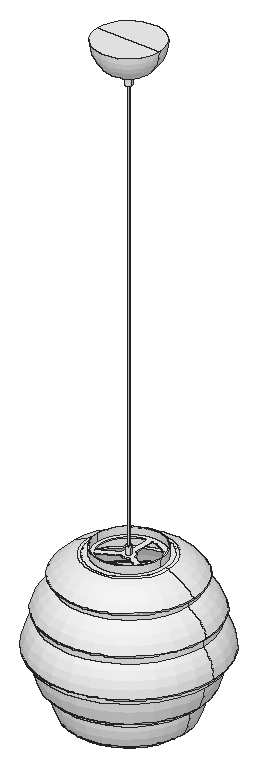
Revit family "Artek_Lighting_Pendant Light A331 “Beehive“_A331 Beehive_quick_ship", category Lighting Fixtures, Revit 2018 (continued)
Definition of nested family "A331"
  Lines and regions (mm)
    symbolic lines, detail levels fine
      curve 658: spline (0, -46.132, 175.593) -> (0, -45.807, 175.797) -> (0, -45.504, 176.396) -> (0, -45.244, 177.348) -> (0, -45.045, 178.588) -> (0, -44.919, 180.033) -> (0, -44.876, 181.583) -> (0, -44.919, 183.134) -> (0, -45.045, 184.578) -> (0, -45.244, 185.819) -> (0, -45.504, 186.771) -> (0, -45.807, 187.369) -> (0, -46.132, 187.573) -> (0, -46.457, 187.369) -> (0, -46.76, 186.771) -> (0, -47.02, 185.819) -> (0, -47.22, 184.578) -> (0, -47.345, 183.134) -> (0, -47.388, 181.583) -> (0, -47.345, 180.033) -> (0, -47.22, 178.588) -> (0, -47.02, 177.348) -> (0, -46.76, 176.396) -> (0, -46.457, 175.797) -> (0, -46.132, 175.593)
      curve 659: spline (0, -50.144, 175.593) -> (0, -49.819, 175.797) -> (0, -49.516, 176.396) -> (0, -49.256, 177.348) -> (0, -49.056, 178.588) -> (0, -48.931, 180.033) -> (0, -48.888, 181.583) -> (0, -48.931, 183.134) -> (0, -49.056, 184.578) -> (0, -49.256, 185.819) -> (0, -49.516, 186.771) -> (0, -49.819, 187.369) -> (0, -50.144, 187.573) -> (0, -50.469, 187.369) -> (0, -50.771, 186.771) -> (0, -51.032, 185.819) -> (0, -51.231, 184.578) -> (0, -51.357, 183.134) -> (0, -51.399, 181.583) -> (0, -51.357, 180.033) -> (0, -51.231, 178.588) -> (0, -51.032, 177.348) -> (0, -50.771, 176.396) -> (0, -50.469, 175.797) -> (0, -50.144, 175.593)
      curve 660: spline (0, -54.155, 175.593) -> (0, -53.83, 175.797) -> (0, -53.527, 176.396) -> (0, -53.267, 177.348) -> (0, -53.068, 178.588) -> (0, -52.942, 180.033) -> (0, -52.899, 181.583) -> (0, -52.942, 183.134) -> (0, -53.068, 184.578) -> (0, -53.267, 185.819) -> (0, -53.527, 186.771) -> (0, -53.83, 187.369) -> (0, -54.155, 187.573) -> (0, -54.48, 187.369) -> (0, -54.783, 186.771) -> (0, -55.043, 185.819) -> (0, -55.243, 184.578) -> (0, -55.368, 183.134) -> (0, -55.411, 181.583) -> (0, -55.368, 180.033) -> (0, -55.243, 178.588) -> (0, -55.043, 177.348) -> (0, -54.783, 176.396) -> (0, -54.48, 175.797) -> (0, -54.155, 175.593)
      curve 661: spline (0, -58.167, 175.593) -> (0, -57.842, 175.797) -> (0, -57.539, 176.396) -> (0, -57.279, 177.348) -> (0, -57.079, 178.588) -> (0, -56.954, 180.033) -> (0, -56.911, 181.583) -> (0, -56.954, 183.134) -> (0, -57.079, 184.578) -> (0, -57.279, 185.819) -> (0, -57.539, 186.771) -> (0, -57.842, 187.369) -> (0, -58.167, 187.573) -> (0, -58.492, 187.369) -> (0, -58.794, 186.771) -> (0, -59.055, 185.819) -> (0, -59.254, 184.578) -> (0, -59.38, 183.134) -> (0, -59.422, 181.583) -> (0, -59.38, 180.033) -> (0, -59.254, 178.588) -> (0, -59.055, 177.348) -> (0, -58.794, 176.396) -> (0, -58.492, 175.797) -> (0, -58.167, 175.593)
      curve 662: spline (0, -62.178, 175.593) -> (0, -61.853, 175.797) -> (0, -61.55, 176.396) -> (0, -61.29, 177.348) -> (0, -61.091, 178.588) -> (0, -60.965, 180.033) -> (0, -60.922, 181.583) -> (0, -60.965, 183.134) -> (0, -61.091, 184.578) -> (0, -61.29, 185.819) -> (0, -61.55, 186.771) -> (0, -61.853, 187.369) -> (0, -62.178, 187.573) -> (0, -62.503, 187.369) -> (0, -62.806, 186.771) -> (0, -63.066, 185.819) -> (0, -63.266, 184.578) -> (0, -63.391, 183.134) -> (0, -63.434, 181.583) -> (0, -63.391, 180.033) -> (0, -63.266, 178.588) -> (0, -63.066, 177.348) -> (0, -62.806, 176.396) -> (0, -62.503, 175.797) -> (0, -62.178, 175.593)
      curve 663: spline (0, -66.19, 175.593) -> (0, -65.865, 175.797) -> (0, -65.562, 176.396) -> (0, -65.302, 177.348) -> (0, -65.102, 178.588) -> (0, -64.977, 180.033) -> (0, -64.934, 181.583) -> (0, -64.977, 183.134) -> (0, -65.102, 184.578) -> (0, -65.302, 185.819) -> (0, -65.562, 186.771) -> (0, -65.865, 187.369) -> (0, -66.19, 187.573) -> (0, -66.515, 187.369) -> (0, -66.817, 186.771) -> (0, -67.078, 185.819) -> (0, -67.277, 184.578) -> (0, -67.403, 183.134) -> (0, -67.445, 181.583) -> (0, -67.403, 180.033) -> (0, -67.277, 178.588) -> (0, -67.078, 177.348) -> (0, -66.817, 176.396) -> (0, -66.515, 175.797) -> (0, -66.19, 175.593)
      curve 664: spline (0, -70.201, 175.593) -> (0, -69.876, 175.797) -> (0, -69.573, 176.396) -> (0, -69.313, 177.348) -> (0, -69.114, 178.588) -> (0, -68.988, 180.033) -> (0, -68.945, 181.583) -> (0, -68.988, 183.134) -> (0, -69.114, 184.578) -> (0, -69.313, 185.819) -> (0, -69.573, 186.771) -> (0, -69.876, 187.369) -> (0, -70.201, 187.573) -> (0, -70.526, 187.369) -> (0, -70.829, 186.771) -> (0, -71.089, 185.819) -> (0, -71.289, 184.578) -> (0, -71.414, 183.134) -> (0, -71.457, 181.583) -> (0, -71.414, 180.033) -> (0, -71.289, 178.588) -> (0, -71.089, 177.348) -> (0, -70.829, 176.396) -> (0, -70.526, 175.797) -> (0, -70.201, 175.593)
      curve 665: spline (0, -74.213, 175.593) -> (0, -73.888, 175.797) -> (0, -73.585, 176.396) -> (0, -73.325, 177.348) -> (0, -73.125, 178.588) -> (0, -73, 180.033) -> (0, -72.957, 181.583) -> (0, -73, 183.134) -> (0, -73.125, 184.578) -> (0, -73.325, 185.819) -> (0, -73.585, 186.771) -> (0, -73.888, 187.369) -> (0, -74.213, 187.573) -> (0, -74.538, 187.369) -> (0, -74.84, 186.771) -> (0, -75.101, 185.819) -> (0, -75.3, 184.578) -> (0, -75.426, 183.134) -> (0, -75.468, 181.583) -> (0, -75.426, 180.033) -> (0, -75.3, 178.588) -> (0, -75.101, 177.348) -> (0, -74.84, 176.396) -> (0, -74.538, 175.797) -> (0, -74.213, 175.593)
      curve 666: spline (0, -78.224, 175.593) -> (0, -77.899, 175.797) -> (0, -77.596, 176.396) -> (0, -77.336, 177.348) -> (0, -77.137, 178.588) -> (0, -77.011, 180.033) -> (0, -76.968, 181.583) -> (0, -77.011, 183.134) -> (0, -77.137, 184.578) -> (0, -77.336, 185.819) -> (0, -77.596, 186.771) -> (0, -77.899, 187.369) -> (0, -78.224, 187.573) -> (0, -78.549, 187.369) -> (0, -78.852, 186.771) -> (0, -79.112, 185.819) -> (0, -79.312, 184.578) -> (0, -79.437, 183.134) -> (0, -79.48, 181.583) -> (0, -79.437, 180.033) -> (0, -79.312, 178.588) -> (0, -79.112, 177.348) -> (0, -78.852, 176.396) -> (0, -78.549, 175.797) -> (0, -78.224, 175.593)
      curve 667: spline (0, -82.236, 175.593) -> (0, -81.911, 175.797) -> (0, -81.608, 176.396) -> (0, -81.348, 177.348) -> (0, -81.148, 178.588) -> (0, -81.023, 180.033) -> (0, -80.98, 181.583) -> (0, -81.023, 183.134) -> (0, -81.148, 184.578) -> (0, -81.348, 185.819) -> (0, -81.608, 186.771) -> (0, -81.911, 187.369) -> (0, -82.236, 187.573) -> (0, -82.561, 187.369) -> (0, -82.863, 186.771) -> (0, -83.123, 185.819) -> (0, -83.323, 184.578) -> (0, -83.448, 183.134) -> (0, -83.491, 181.583) -> (0, -83.448, 180.033) -> (0, -83.323, 178.588) -> (0, -83.123, 177.348) -> (0, -82.863, 176.396) -> (0, -82.561, 175.797) -> (0, -82.236, 175.593)
      curve 668: spline (0, -86.247, 175.593) -> (0, -85.922, 175.797) -> (0, -85.619, 176.396) -> (0, -85.359, 177.348) -> (0, -85.16, 178.588) -> (0, -85.034, 180.033) -> (0, -84.991, 181.583) -> (0, -85.034, 183.134) -> (0, -85.16, 184.578) -> (0, -85.359, 185.819) -> (0, -85.619, 186.771) -> (0, -85.922, 187.369) -> (0, -86.247, 187.573) -> (0, -86.572, 187.369) -> (0, -86.875, 186.771) -> (0, -87.135, 185.819) -> (0, -87.335, 184.578) -> (0, -87.46, 183.134) -> (0, -87.503, 181.583) -> (0, -87.46, 180.033) -> (0, -87.335, 178.588) -> (0, -87.135, 177.348) -> (0, -86.875, 176.396) -> (0, -86.572, 175.797) -> (0, -86.247, 175.593)
      curve 669: spline (0, -90.259, 175.593) -> (0, -89.934, 175.797) -> (0, -89.631, 176.396) -> (0, -89.371, 177.348) -> (0, -89.171, 178.588) -> (0, -89.046, 180.033) -> (0, -89.003, 181.583) -> (0, -89.046, 183.134) -> (0, -89.171, 184.578) -> (0, -89.371, 185.819) -> (0, -89.631, 186.771) -> (0, -89.934, 187.369) -> (0, -90.259, 187.573) -> (0, -90.584, 187.369) -> (0, -90.886, 186.771) -> (0, -91.146, 185.819) -> (0, -91.346, 184.578) -> (0, -91.471, 183.134) -> (0, -91.514, 181.583) -> (0, -91.471, 180.033) -> (0, -91.346, 178.588) -> (0, -91.146, 177.348) -> (0, -90.886, 176.396) -> (0, -90.584, 175.797) -> (0, -90.259, 175.593)
      curve 670: spline (0, -94.27, 175.593) -> (0, -93.945, 175.797) -> (0, -93.642, 176.396) -> (0, -93.382, 177.348) -> (0, -93.183, 178.588) -> (0, -93.057, 180.033) -> (0, -93.014, 181.583) -> (0, -93.057, 183.134) -> (0, -93.183, 184.578) -> (0, -93.382, 185.819) -> (0, -93.642, 186.771) -> (0, -93.945, 187.369) -> (0, -94.27, 187.573) -> (0, -94.595, 187.369) -> (0, -94.898, 186.771) -> (0, -95.158, 185.819) -> (0, -95.358, 184.578) -> (0, -95.483, 183.134) -> (0, -95.526, 181.583) -> (0, -95.483, 180.033) -> (0, -95.358, 178.588) -> (0, -95.158, 177.348) -> (0, -94.898, 176.396) -> (0, -94.595, 175.797) -> (0, -94.27, 175.593)
      curve 671: spline (0, -98.281, 175.593) -> (0, -97.956, 175.797) -> (0, -97.654, 176.396) -> (0, -97.394, 177.348) -> (0, -97.194, 178.588) -> (0, -97.069, 180.033) -> (0, -97.026, 181.583) -> (0, -97.069, 183.134) -> (0, -97.194, 184.578) -> (0, -97.394, 185.819) -> (0, -97.654, 186.771) -> (0, -97.956, 187.369) -> (0, -98.281, 187.573) -> (0, -98.607, 187.369) -> (0, -98.909, 186.771) -> (0, -99.169, 185.819) -> (0, -99.369, 184.578) -> (0, -99.494, 183.134) -> (0, -99.537, 181.583) -> (0, -99.494, 180.033) -> (0, -99.369, 178.588) -> (0, -99.169, 177.348) -> (0, -98.909, 176.396) -> (0, -98.607, 175.797) -> (0, -98.281, 175.593)
      curve 672: spline (0, -102.293, 175.593) -> (0, -101.968, 175.797) -> (0, -101.665, 176.396) -> (0, -101.405, 177.348) -> (0, -101.205, 178.588) -> (0, -101.08, 180.033) -> (0, -101.037, 181.583) -> (0, -101.08, 183.134) -> (0, -101.205, 184.578) -> (0, -101.405, 185.819) -> (0, -101.665, 186.771) -> (0, -101.968, 187.369) -> (0, -102.293, 187.573) -> (0, -102.618, 187.369) -> (0, -102.921, 186.771) -> (0, -103.181, 185.819) -> (0, -103.38, 184.578) -> (0, -103.506, 183.134) -> (0, -103.549, 181.583) -> (0, -103.506, 180.033) -> (0, -103.38, 178.588) -> (0, -103.181, 177.348) -> (0, -102.921, 176.396) -> (0, -102.618, 175.797) -> (0, -102.293, 175.593)
      curve 673: spline (0, -106.304, 175.593) -> (0, -105.979, 175.797) -> (0, -105.677, 176.396) -> (0, -105.417, 177.348) -> (0, -105.217, 178.588) -> (0, -105.092, 180.033) -> (0, -105.049, 181.583) -> (0, -105.092, 183.134) -> (0, -105.217, 184.578) -> (0, -105.417, 185.819) -> (0, -105.677, 186.771) -> (0, -105.979, 187.369) -> (0, -106.304, 187.573) -> (0, -106.629, 187.369) -> (0, -106.932, 186.771) -> (0, -107.192, 185.819) -> (0, -107.392, 184.578) -> (0, -107.517, 183.134) -> (0, -107.56, 181.583) -> (0, -107.517, 180.033) -> (0, -107.392, 178.588) -> (0, -107.192, 177.348) -> (0, -106.932, 176.396) -> (0, -106.629, 175.797) -> (0, -106.304, 175.593)
      curve 674: spline (0, -110.316, 175.593) -> (0, -109.991, 175.797) -> (0, -109.688, 176.396) -> (0, -109.428, 177.348) -> (0, -109.228, 178.588) -> (0, -109.103, 180.033) -> (0, -109.06, 181.583) -> (0, -109.103, 183.134) -> (0, -109.228, 184.578) -> (0, -109.428, 185.819) -> (0, -109.688, 186.771) -> (0, -109.991, 187.369) -> (0, -110.316, 187.573) -> (0, -110.641, 187.369) -> (0, -110.944, 186.771) -> (0, -111.204, 185.819) -> (0, -111.403, 184.578) -> (0, -111.529, 183.134) -> (0, -111.572, 181.583) -> (0, -111.529, 180.033) -> (0, -111.403, 178.588) -> (0, -111.204, 177.348) -> (0, -110.944, 176.396) -> (0, -110.641, 175.797) -> (0, -110.316, 175.593)
      curve 675: spline (0, -114.327, 175.593) -> (0, -114.002, 175.797) -> (0, -113.7, 176.396) -> (0, -113.44, 177.348) -> (0, -113.24, 178.588) -> (0, -113.115, 180.033) -> (0, -113.072, 181.583) -> (0, -113.115, 183.134) -> (0, -113.24, 184.578) -> (0, -113.44, 185.819) -> (0, -113.7, 186.771) -> (0, -114.002, 187.369) -> (0, -114.327, 187.573) -> (0, -114.652, 187.369) -> (0, -114.955, 186.771) -> (0, -115.215, 185.819) -> (0, -115.415, 184.578) -> (0, -115.54, 183.134) -> (0, -115.583, 181.583) -> (0, -115.54, 180.033) -> (0, -115.415, 178.588) -> (0, -115.215, 177.348) -> (0, -114.955, 176.396) -> (0, -114.652, 175.797) -> (0, -114.327, 175.593)
      curve 676: spline (0, -118.339, 175.593) -> (0, -118.014, 175.797) -> (0, -117.711, 176.396) -> (0, -117.451, 177.348) -> (0, -117.251, 178.588) -> (0, -117.126, 180.033) -> (0, -117.083, 181.583) -> (0, -117.126, 183.134) -> (0, -117.251, 184.578) -> (0, -117.451, 185.819) -> (0, -117.711, 186.771) -> (0, -118.014, 187.369) -> (0, -118.339, 187.573) -> (0, -118.664, 187.369) -> (0, -118.967, 186.771) -> (0, -119.227, 185.819) -> (0, -119.426, 184.578) -> (0, -119.552, 183.134) -> (0, -119.595, 181.583) -> (0, -119.552, 180.033) -> (0, -119.426, 178.588) -> (0, -119.227, 177.348) -> (0, -118.967, 176.396) -> (0, -118.664, 175.797) -> (0, -118.339, 175.593)
      curve 677: spline (0, -122.35, 175.593) -> (0, -122.025, 175.797) -> (0, -121.723, 176.396) -> (0, -121.462, 177.348) -> (0, -121.263, 178.588) -> (0, -121.137, 180.033) -> (0, -121.095, 181.583) -> (0, -121.137, 183.134) -> (0, -121.263, 184.578) -> (0, -121.462, 185.819) -> (0, -121.723, 186.771) -> (0, -122.025, 187.369) -> (0, -122.35, 187.573) -> (0, -122.675, 187.369) -> (0, -122.978, 186.771) -> (0, -123.238, 185.819) -> (0, -123.438, 184.578) -> (0, -123.563, 183.134) -> (0, -123.606, 181.583) -> (0, -123.563, 180.033) -> (0, -123.438, 178.588) -> (0, -123.238, 177.348) -> (0, -122.978, 176.396) -> (0, -122.675, 175.797) -> (0, -122.35, 175.593)
      curve 678: spline (0, -126.362, 175.593) -> (0, -126.037, 175.797) -> (0, -125.734, 176.396) -> (0, -125.474, 177.348) -> (0, -125.274, 178.588) -> (0, -125.149, 180.033) -> (0, -125.106, 181.583) -> (0, -125.149, 183.134) -> (0, -125.274, 184.578) -> (0, -125.474, 185.819) -> (0, -125.734, 186.771) -> (0, -126.037, 187.369) -> (0, -126.362, 187.573) -> (0, -126.687, 187.369) -> (0, -126.99, 186.771) -> (0, -127.25, 185.819) -> (0, -127.449, 184.578) -> (0, -127.575, 183.134) -> (0, -127.618, 181.583) -> (0, -127.575, 180.033) -> (0, -127.449, 178.588) -> (0, -127.25, 177.348) -> (0, -126.99, 176.396) -> (0, -126.687, 175.797) -> (0, -126.362, 175.593)
      curve 679: spline (0, -130.373, 175.593) -> (0, -130.048, 175.797) -> (0, -129.746, 176.396) -> (0, -129.485, 177.348) -> (0, -129.286, 178.588) -> (0, -129.16, 180.033) -> (0, -129.118, 181.583) -> (0, -129.16, 183.134) -> (0, -129.286, 184.578) -> (0, -129.485, 185.819) -> (0, -129.746, 186.771) -> (0, -130.048, 187.369) -> (0, -130.373, 187.573) -> (0, -130.698, 187.369) -> (0, -131.001, 186.771) -> (0, -131.261, 185.819) -> (0, -131.461, 184.578) -> (0, -131.586, 183.134) -> (0, -131.629, 181.583) -> (0, -131.586, 180.033) -> (0, -131.461, 178.588) -> (0, -131.261, 177.348) -> (0, -131.001, 176.396) -> (0, -130.698, 175.797) -> (0, -130.373, 175.593)
      curve 680: spline (0, -134.385, 175.593) -> (0, -134.06, 175.797) -> (0, -133.757, 176.396) -> (0, -133.497, 177.348) -> (0, -133.297, 178.588) -> (0, -133.172, 180.033) -> (0, -133.129, 181.583) -> (0, -133.172, 183.134) -> (0, -133.297, 184.578) -> (0, -133.497, 185.819) -> (0, -133.757, 186.771) -> (0, -134.06, 187.369) -> (0, -134.385, 187.573) -> (0, -134.71, 187.369) -> (0, -135.013, 186.771) -> (0, -135.273, 185.819) -> (0, -135.472, 184.578) -> (0, -135.598, 183.134) -> (0, -135.641, 181.583) -> (0, -135.598, 180.033) -> (0, -135.472, 178.588) -> (0, -135.273, 177.348) -> (0, -135.013, 176.396) -> (0, -134.71, 175.797) -> (0, -134.385, 175.593)
      curve 681: spline (0, -138.396, 175.593) -> (0, -138.071, 175.797) -> (0, -137.769, 176.396) -> (0, -137.508, 177.348) -> (0, -137.309, 178.588) -> (0, -137.183, 180.033) -> (0, -137.141, 181.583) -> (0, -137.183, 183.134) -> (0, -137.309, 184.578) -> (0, -137.508, 185.819) -> (0, -137.769, 186.771) -> (0, -138.071, 187.369) -> (0, -138.396, 187.573) -> (0, -138.721, 187.369) -> (0, -139.024, 186.771) -> (0, -139.284, 185.819) -> (0, -139.484, 184.578) -> (0, -139.609, 183.134) -> (0, -139.652, 181.583) -> (0, -139.609, 180.033) -> (0, -139.484, 178.588) -> (0, -139.284, 177.348) -> (0, -139.024, 176.396) -> (0, -138.721, 175.797) -> (0, -138.396, 175.593)
      curve 682: spline (0, -142.408, 175.593) -> (0, -142.083, 175.797) -> (0, -141.78, 176.396) -> (0, -141.52, 177.348) -> (0, -141.32, 178.588) -> (0, -141.195, 180.033) -> (0, -141.152, 181.583) -> (0, -141.195, 183.134) -> (0, -141.32, 184.578) -> (0, -141.52, 185.819) -> (0, -141.78, 186.771) -> (0, -142.083, 187.369) -> (0, -142.408, 187.573) -> (0, -142.733, 187.369) -> (0, -143.036, 186.771) -> (0, -143.296, 185.819) -> (0, -143.495, 184.578) -> (0, -143.621, 183.134) -> (0, -143.664, 181.583) -> (0, -143.621, 180.033) -> (0, -143.495, 178.588) -> (0, -143.296, 177.348) -> (0, -143.036, 176.396) -> (0, -142.733, 175.797) -> (0, -142.408, 175.593)
      curve 683: spline (0, 2.006, 109.043) -> (0, 1.681, 109.247) -> (0, 1.378, 109.845) -> (0, 1.118, 110.797) -> (0, 0.918, 112.038) -> (0, 0.793, 113.482) -> (0, 0.75, 115.033) -> (0, 0.793, 116.583) -> (0, 0.918, 118.028) -> (0, 1.118, 119.268) -> (0, 1.378, 120.22) -> (0, 1.681, 120.819) -> (0, 2.006, 121.023) -> (0, 2.331, 120.819) -> (0, 2.634, 120.22) -> (0, 2.894, 119.268) -> (0, 3.093, 118.028) -> (0, 3.219, 116.583) -> (0, 3.261, 115.033) -> (0, 3.219, 113.482) -> (0, 3.093, 112.038) -> (0, 2.894, 110.797) -> (0, 2.634, 109.845) -> (0, 2.331, 109.247) -> (0, 2.006, 109.043)
      curve 684: spline (0, 6.017, 109.043) -> (0, 5.692, 109.247) -> (0, 5.389, 109.845) -> (0, 5.129, 110.797) -> (0, 4.93, 112.038) -> (0, 4.804, 113.482) -> (0, 4.761, 115.033) -> (0, 4.804, 116.583) -> (0, 4.93, 118.028) -> (0, 5.129, 119.268) -> (0, 5.389, 120.22) -> (0, 5.692, 120.819) -> (0, 6.017, 121.023) -> (0, 6.342, 120.819) -> (0, 6.645, 120.22) -> (0, 6.905, 119.268) -> (0, 7.105, 118.028) -> (0, 7.23, 116.583) -> (0, 7.273, 115.033) -> (0, 7.23, 113.482) -> (0, 7.105, 112.038) -> (0, 6.905, 110.797) -> (0, 6.645, 109.845) -> (0, 6.342, 109.247) -> (0, 6.017, 109.043)
      curve 685: spline (0, 10.029, 109.043) -> (0, 9.704, 109.247) -> (0, 9.401, 109.845) -> (0, 9.141, 110.797) -> (0, 8.941, 112.038) -> (0, 8.816, 113.482) -> (0, 8.773, 115.033) -> (0, 8.816, 116.583) -> (0, 8.941, 118.028) -> (0, 9.141, 119.268) -> (0, 9.401, 120.22) -> (0, 9.704, 120.819) -> (0, 10.029, 121.023) -> (0, 10.354, 120.819) -> (0, 10.657, 120.22) -> (0, 10.917, 119.268) -> (0, 11.116, 118.028) -> (0, 11.242, 116.583) -> (0, 11.284, 115.033) -> (0, 11.242, 113.482) -> (0, 11.116, 112.038) -> (0, 10.917, 110.797) -> (0, 10.657, 109.845) -> (0, 10.354, 109.247) -> (0, 10.029, 109.043)
      curve 686: spline (0, 14.04, 109.043) -> (0, 13.715, 109.247) -> (0, 13.412, 109.845) -> (0, 13.152, 110.797) -> (0, 12.953, 112.038) -> (0, 12.827, 113.482) -> (0, 12.784, 115.033) -> (0, 12.827, 116.583) -> (0, 12.953, 118.028) -> (0, 13.152, 119.268) -> (0, 13.412, 120.22) -> (0, 13.715, 120.819) -> (0, 14.04, 121.023) -> (0, 14.365, 120.819) -> (0, 14.668, 120.22) -> (0, 14.928, 119.268) -> (0, 15.128, 118.028) -> (0, 15.253, 116.583) -> (0, 15.296, 115.033) -> (0, 15.253, 113.482) -> (0, 15.128, 112.038) -> (0, 14.928, 110.797) -> (0, 14.668, 109.845) -> (0, 14.365, 109.247) -> (0, 14.04, 109.043)
      curve 687: spline (0, 18.052, 109.043) -> (0, 17.727, 109.247) -> (0, 17.424, 109.845) -> (0, 17.164, 110.797) -> (0, 16.964, 112.038) -> (0, 16.839, 113.482) -> (0, 16.796, 115.033) -> (0, 16.839, 116.583) -> (0, 16.964, 118.028) -> (0, 17.164, 119.268) -> (0, 17.424, 120.22) -> (0, 17.727, 120.819) -> (0, 18.052, 121.023) -> (0, 18.377, 120.819) -> (0, 18.68, 120.22) -> (0, 18.94, 119.268) -> (0, 19.139, 118.028) -> (0, 19.265, 116.583) -> (0, 19.307, 115.033) -> (0, 19.265, 113.482) -> (0, 19.139, 112.038) -> (0, 18.94, 110.797) -> (0, 18.68, 109.845) -> (0, 18.377, 109.247) -> (0, 18.052, 109.043)
      curve 688: spline (0, 22.063, 109.043) -> (0, 21.738, 109.247) -> (0, 21.435, 109.845) -> (0, 21.175, 110.797) -> (0, 20.976, 112.038) -> (0, 20.85, 113.482) -> (0, 20.807, 115.033) -> (0, 20.85, 116.583) -> (0, 20.976, 118.028) -> (0, 21.175, 119.268) -> (0, 21.435, 120.22) -> (0, 21.738, 120.819) -> (0, 22.063, 121.023) -> (0, 22.388, 120.819) -> (0, 22.691, 120.22) -> (0, 22.951, 119.268) -> (0, 23.151, 118.028) -> (0, 23.276, 116.583) -> (0, 23.319, 115.033) -> (0, 23.276, 113.482) -> (0, 23.151, 112.038) -> (0, 22.951, 110.797) -> (0, 22.691, 109.845) -> (0, 22.388, 109.247) -> (0, 22.063, 109.043)
      curve 689: spline (0, 26.075, 109.043) -> (0, 25.75, 109.247) -> (0, 25.447, 109.845) -> (0, 25.187, 110.797) -> (0, 24.987, 112.038) -> (0, 24.862, 113.482) -> (0, 24.819, 115.033) -> (0, 24.862, 116.583) -> (0, 24.987, 118.028) -> (0, 25.187, 119.268) -> (0, 25.447, 120.22) -> (0, 25.75, 120.819) -> (0, 26.075, 121.023) -> (0, 26.4, 120.819) -> (0, 26.703, 120.22) -> (0, 26.963, 119.268) -> (0, 27.162, 118.028) -> (0, 27.288, 116.583) -> (0, 27.33, 115.033) -> (0, 27.288, 113.482) -> (0, 27.162, 112.038) -> (0, 26.963, 110.797) -> (0, 26.703, 109.845) -> (0, 26.4, 109.247) -> (0, 26.075, 109.043)
      curve 690: spline (0, 30.086, 109.043) -> (0, 29.761, 109.247) -> (0, 29.458, 109.845) -> (0, 29.198, 110.797) -> (0, 28.999, 112.038) -> (0, 28.873, 113.482) -> (0, 28.83, 115.033) -> (0, 28.873, 116.583) -> (0, 28.999, 118.028) -> (0, 29.198, 119.268) -> (0, 29.458, 120.22) -> (0, 29.761, 120.819) -> (0, 30.086, 121.023) -> (0, 30.411, 120.819) -> (0, 30.714, 120.22) -> (0, 30.974, 119.268) -> (0, 31.174, 118.028) -> (0, 31.299, 116.583) -> (0, 31.342, 115.033) -> (0, 31.299, 113.482) -> (0, 31.174, 112.038) -> (0, 30.974, 110.797) -> (0, 30.714, 109.845) -> (0, 30.411, 109.247) -> (0, 30.086, 109.043)
      curve 691: spline (0, 34.098, 109.043) -> (0, 33.773, 109.247) -> (0, 33.47, 109.845) -> (0, 33.21, 110.797) -> (0, 33.01, 112.038) -> (0, 32.885, 113.482) -> (0, 32.842, 115.033) -> (0, 32.885, 116.583) -> (0, 33.01, 118.028) -> (0, 33.21, 119.268) -> (0, 33.47, 120.22) -> (0, 33.773, 120.819) -> (0, 34.098, 121.023) -> (0, 34.423, 120.819) -> (0, 34.726, 120.22) -> (0, 34.986, 119.268) -> (0, 35.185, 118.028) -> (0, 35.311, 116.583) -> (0, 35.353, 115.033) -> (0, 35.311, 113.482) -> (0, 35.185, 112.038) -> (0, 34.986, 110.797) -> (0, 34.726, 109.845) -> (0, 34.423, 109.247) -> (0, 34.098, 109.043)
      curve 692: spline (0, 38.109, 109.043) -> (0, 37.784, 109.247) -> (0, 37.481, 109.845) -> (0, 37.221, 110.797) -> (0, 37.022, 112.038) -> (0, 36.896, 113.482) -> (0, 36.853, 115.033) -> (0, 36.896, 116.583) -> (0, 37.022, 118.028) -> (0, 37.221, 119.268) -> (0, 37.481, 120.22) -> (0, 37.784, 120.819) -> (0, 38.109, 121.023) -> (0, 38.434, 120.819) -> (0, 38.737, 120.22) -> (0, 38.997, 119.268) -> (0, 39.197, 118.028) -> (0, 39.322, 116.583) -> (0, 39.365, 115.033) -> (0, 39.322, 113.482) -> (0, 39.197, 112.038) -> (0, 38.997, 110.797) -> (0, 38.737, 109.845) -> (0, 38.434, 109.247) -> (0, 38.109, 109.043)
      curve 693: spline (0, 42.121, 109.043) -> (0, 41.796, 109.247) -> (0, 41.493, 109.845) -> (0, 41.233, 110.797) -> (0, 41.033, 112.038) -> (0, 40.908, 113.482) -> (0, 40.865, 115.033) -> (0, 40.908, 116.583) -> (0, 41.033, 118.028) -> (0, 41.233, 119.268) -> (0, 41.493, 120.22) -> (0, 41.796, 120.819) -> (0, 42.121, 121.023) -> (0, 42.446, 120.819) -> (0, 42.749, 120.22) -> (0, 43.009, 119.268) -> (0, 43.208, 118.028) -> (0, 43.334, 116.583) -> (0, 43.376, 115.033) -> (0, 43.334, 113.482) -> (0, 43.208, 112.038) -> (0, 43.009, 110.797) -> (0, 42.749, 109.845) -> (0, 42.446, 109.247) -> (0, 42.121, 109.043)
      curve 694: spline (0, 46.132, 109.043) -> (0, 45.807, 109.247) -> (0, 45.504, 109.845) -> (0, 45.244, 110.797) -> (0, 45.045, 112.038) -> (0, 44.919, 113.482) -> (0, 44.876, 115.033) -> (0, 44.919, 116.583) -> (0, 45.045, 118.028) -> (0, 45.244, 119.268) -> (0, 45.504, 120.22) -> (0, 45.807, 120.819) -> (0, 46.132, 121.023) -> (0, 46.457, 120.819) -> (0, 46.76, 120.22) -> (0, 47.02, 119.268) -> (0, 47.22, 118.028) -> (0, 47.345, 116.583) -> (0, 47.388, 115.033) -> (0, 47.345, 113.482) -> (0, 47.22, 112.038) -> (0, 47.02, 110.797) -> (0, 46.76, 109.845) -> (0, 46.457, 109.247) -> (0, 46.132, 109.043)
      curve 695: spline (0, 50.144, 109.043) -> (0, 49.819, 109.247) -> (0, 49.516, 109.845) -> (0, 49.256, 110.797) -> (0, 49.056, 112.038) -> (0, 48.931, 113.482) -> (0, 48.888, 115.033) -> (0, 48.931, 116.583) -> (0, 49.056, 118.028) -> (0, 49.256, 119.268) -> (0, 49.516, 120.22) -> (0, 49.819, 120.819) -> (0, 50.144, 121.023) -> (0, 50.469, 120.819) -> (0, 50.771, 120.22) -> (0, 51.032, 119.268) -> (0, 51.231, 118.028) -> (0, 51.357, 116.583) -> (0, 51.399, 115.033) -> (0, 51.357, 113.482) -> (0, 51.231, 112.038) -> (0, 51.032, 110.797) -> (0, 50.771, 109.845) -> (0, 50.469, 109.247) -> (0, 50.144, 109.043)
      curve 696: spline (0, 54.155, 109.043) -> (0, 53.83, 109.247) -> (0, 53.527, 109.845) -> (0, 53.267, 110.797) -> (0, 53.068, 112.038) -> (0, 52.942, 113.482) -> (0, 52.899, 115.033) -> (0, 52.942, 116.583) -> (0, 53.068, 118.028) -> (0, 53.267, 119.268) -> (0, 53.527, 120.22) -> (0, 53.83, 120.819) -> (0, 54.155, 121.023) -> (0, 54.48, 120.819) -> (0, 54.783, 120.22) -> (0, 55.043, 119.268) -> (0, 55.243, 118.028) -> (0, 55.368, 116.583) -> (0, 55.411, 115.033) -> (0, 55.368, 113.482) -> (0, 55.243, 112.038) -> (0, 55.043, 110.797) -> (0, 54.783, 109.845) -> (0, 54.48, 109.247) -> (0, 54.155, 109.043)
      curve 697: spline (0, 58.167, 109.043) -> (0, 57.842, 109.247) -> (0, 57.539, 109.845) -> (0, 57.279, 110.797) -> (0, 57.079, 112.038) -> (0, 56.954, 113.482) -> (0, 56.911, 115.033) -> (0, 56.954, 116.583) -> (0, 57.079, 118.028) -> (0, 57.279, 119.268) -> (0, 57.539, 120.22) -> (0, 57.842, 120.819) -> (0, 58.167, 121.023) -> (0, 58.492, 120.819) -> (0, 58.794, 120.22) -> (0, 59.055, 119.268) -> (0, 59.254, 118.028) -> (0, 59.38, 116.583) -> (0, 59.422, 115.033) -> (0, 59.38, 113.482) -> (0, 59.254, 112.038) -> (0, 59.055, 110.797) -> (0, 58.794, 109.845) -> (0, 58.492, 109.247) -> (0, 58.167, 109.043)
      curve 698: spline (0, 62.178, 109.043) -> (0, 61.853, 109.247) -> (0, 61.55, 109.845) -> (0, 61.29, 110.797) -> (0, 61.091, 112.038) -> (0, 60.965, 113.482) -> (0, 60.922, 115.033) -> (0, 60.965, 116.583) -> (0, 61.091, 118.028) -> (0, 61.29, 119.268) -> (0, 61.55, 120.22) -> (0, 61.853, 120.819) -> (0, 62.178, 121.023) -> (0, 62.503, 120.819) -> (0, 62.806, 120.22) -> (0, 63.066, 119.268) -> (0, 63.266, 118.028) -> (0, 63.391, 116.583) -> (0, 63.434, 115.033) -> (0, 63.391, 113.482) -> (0, 63.266, 112.038) -> (0, 63.066, 110.797) -> (0, 62.806, 109.845) -> (0, 62.503, 109.247) -> (0, 62.178, 109.043)
      curve 699: spline (0, 66.19, 109.043) -> (0, 65.865, 109.247) -> (0, 65.562, 109.845) -> (0, 65.302, 110.797) -> (0, 65.102, 112.038) -> (0, 64.977, 113.482) -> (0, 64.934, 115.033) -> (0, 64.977, 116.583) -> (0, 65.102, 118.028) -> (0, 65.302, 119.268) -> (0, 65.562, 120.22) -> (0, 65.865, 120.819) -> (0, 66.19, 121.023) -> (0, 66.515, 120.819) -> (0, 66.817, 120.22) -> (0, 67.078, 119.268) -> (0, 67.277, 118.028) -> (0, 67.403, 116.583) -> (0, 67.445, 115.033) -> (0, 67.403, 113.482) -> (0, 67.277, 112.038) -> (0, 67.078, 110.797) -> (0, 66.817, 109.845) -> (0, 66.515, 109.247) -> (0, 66.19, 109.043)
      curve 700: spline (0, 70.201, 109.043) -> (0, 69.876, 109.247) -> (0, 69.573, 109.845) -> (0, 69.313, 110.797) -> (0, 69.114, 112.038) -> (0, 68.988, 113.482) -> (0, 68.945, 115.033) -> (0, 68.988, 116.583) -> (0, 69.114, 118.028) -> (0, 69.313, 119.268) -> (0, 69.573, 120.22) -> (0, 69.876, 120.819) -> (0, 70.201, 121.023) -> (0, 70.526, 120.819) -> (0, 70.829, 120.22) -> (0, 71.089, 119.268) -> (0, 71.289, 118.028) -> (0, 71.414, 116.583) -> (0, 71.457, 115.033) -> (0, 71.414, 113.482) -> (0, 71.289, 112.038) -> (0, 71.089, 110.797) -> (0, 70.829, 109.845) -> (0, 70.526, 109.247) -> (0, 70.201, 109.043)
      curve 701: spline (0, 74.213, 109.043) -> (0, 73.888, 109.247) -> (0, 73.585, 109.845) -> (0, 73.325, 110.797) -> (0, 73.125, 112.038) -> (0, 73, 113.482) -> (0, 72.957, 115.033) -> (0, 73, 116.583) -> (0, 73.125, 118.028) -> (0, 73.325, 119.268) -> (0, 73.585, 120.22) -> (0, 73.888, 120.819) -> (0, 74.213, 121.023) -> (0, 74.538, 120.819) -> (0, 74.84, 120.22) -> (0, 75.101, 119.268) -> (0, 75.3, 118.028) -> (0, 75.426, 116.583) -> (0, 75.468, 115.033) -> (0, 75.426, 113.482) -> (0, 75.3, 112.038) -> (0, 75.101, 110.797) -> (0, 74.84, 109.845) -> (0, 74.538, 109.247) -> (0, 74.213, 109.043)
      curve 702: spline (0, 78.224, 109.043) -> (0, 77.899, 109.247) -> (0, 77.596, 109.845) -> (0, 77.336, 110.797) -> (0, 77.137, 112.038) -> (0, 77.011, 113.482) -> (0, 76.968, 115.033) -> (0, 77.011, 116.583) -> (0, 77.137, 118.028) -> (0, 77.336, 119.268) -> (0, 77.596, 120.22) -> (0, 77.899, 120.819) -> (0, 78.224, 121.023) -> (0, 78.549, 120.819) -> (0, 78.852, 120.22) -> (0, 79.112, 119.268) -> (0, 79.312, 118.028) -> (0, 79.437, 116.583) -> (0, 79.48, 115.033) -> (0, 79.437, 113.482) -> (0, 79.312, 112.038) -> (0, 79.112, 110.797) -> (0, 78.852, 109.845) -> (0, 78.549, 109.247) -> (0, 78.224, 109.043)
      curve 703: spline (0, 82.236, 109.043) -> (0, 81.911, 109.247) -> (0, 81.608, 109.845) -> (0, 81.348, 110.797) -> (0, 81.148, 112.038) -> (0, 81.023, 113.482) -> (0, 80.98, 115.033) -> (0, 81.023, 116.583) -> (0, 81.148, 118.028) -> (0, 81.348, 119.268) -> (0, 81.608, 120.22) -> (0, 81.911, 120.819) -> (0, 82.236, 121.023) -> (0, 82.561, 120.819) -> (0, 82.863, 120.22) -> (0, 83.123, 119.268) -> (0, 83.323, 118.028) -> (0, 83.448, 116.583) -> (0, 83.491, 115.033) -> (0, 83.448, 113.482) -> (0, 83.323, 112.038) -> (0, 83.123, 110.797) -> (0, 82.863, 109.845) -> (0, 82.561, 109.247) -> (0, 82.236, 109.043)
      curve 704: spline (0, 86.247, 109.043) -> (0, 85.922, 109.247) -> (0, 85.619, 109.845) -> (0, 85.359, 110.797) -> (0, 85.16, 112.038) -> (0, 85.034, 113.482) -> (0, 84.991, 115.033) -> (0, 85.034, 116.583) -> (0, 85.16, 118.028) -> (0, 85.359, 119.268) -> (0, 85.619, 120.22) -> (0, 85.922, 120.819) -> (0, 86.247, 121.023) -> (0, 86.572, 120.819) -> (0, 86.875, 120.22) -> (0, 87.135, 119.268) -> (0, 87.335, 118.028) -> (0, 87.46, 116.583) -> (0, 87.503, 115.033) -> (0, 87.46, 113.482) -> (0, 87.335, 112.038) -> (0, 87.135, 110.797) -> (0, 86.875, 109.845) -> (0, 86.572, 109.247) -> (0, 86.247, 109.043)
      curve 705: spline (0, 90.259, 109.043) -> (0, 89.934, 109.247) -> (0, 89.631, 109.845) -> (0, 89.371, 110.797) -> (0, 89.171, 112.038) -> (0, 89.046, 113.482) -> (0, 89.003, 115.033) -> (0, 89.046, 116.583) -> (0, 89.171, 118.028) -> (0, 89.371, 119.268) -> (0, 89.631, 120.22) -> (0, 89.934, 120.819) -> (0, 90.259, 121.023) -> (0, 90.584, 120.819) -> (0, 90.886, 120.22) -> (0, 91.146, 119.268) -> (0, 91.346, 118.028) -> (0, 91.471, 116.583) -> (0, 91.514, 115.033) -> (0, 91.471, 113.482) -> (0, 91.346, 112.038) -> (0, 91.146, 110.797) -> (0, 90.886, 109.845) -> (0, 90.584, 109.247) -> (0, 90.259, 109.043)
      curve 706: spline (0, 94.27, 109.043) -> (0, 93.945, 109.247) -> (0, 93.642, 109.845) -> (0, 93.382, 110.797) -> (0, 93.183, 112.038) -> (0, 93.057, 113.482) -> (0, 93.014, 115.033) -> (0, 93.057, 116.583) -> (0, 93.183, 118.028) -> (0, 93.382, 119.268) -> (0, 93.642, 120.22) -> (0, 93.945, 120.819) -> (0, 94.27, 121.023) -> (0, 94.595, 120.819) -> (0, 94.898, 120.22) -> (0, 95.158, 119.268) -> (0, 95.358, 118.028) -> (0, 95.483, 116.583) -> (0, 95.526, 115.033) -> (0, 95.483, 113.482) -> (0, 95.358, 112.038) -> (0, 95.158, 110.797) -> (0, 94.898, 109.845) -> (0, 94.595, 109.247) -> (0, 94.27, 109.043)
      curve 707: spline (0, 98.281, 109.043) -> (0, 97.956, 109.247) -> (0, 97.654, 109.845) -> (0, 97.394, 110.797) -> (0, 97.194, 112.038) -> (0, 97.069, 113.482) -> (0, 97.026, 115.033) -> (0, 97.069, 116.583) -> (0, 97.194, 118.028) -> (0, 97.394, 119.268) -> (0, 97.654, 120.22) -> (0, 97.956, 120.819) -> (0, 98.281, 121.023) -> (0, 98.607, 120.819) -> (0, 98.909, 120.22) -> (0, 99.169, 119.268) -> (0, 99.369, 118.028) -> (0, 99.494, 116.583) -> (0, 99.537, 115.033) -> (0, 99.494, 113.482) -> (0, 99.369, 112.038) -> (0, 99.169, 110.797) -> (0, 98.909, 109.845) -> (0, 98.607, 109.247) -> (0, 98.281, 109.043)
      curve 708: spline (0, 102.293, 109.043) -> (0, 101.968, 109.247) -> (0, 101.665, 109.845) -> (0, 101.405, 110.797) -> (0, 101.205, 112.038) -> (0, 101.08, 113.482) -> (0, 101.037, 115.033) -> (0, 101.08, 116.583) -> (0, 101.205, 118.028) -> (0, 101.405, 119.268) -> (0, 101.665, 120.22) -> (0, 101.968, 120.819) -> (0, 102.293, 121.023) -> (0, 102.618, 120.819) -> (0, 102.921, 120.22) -> (0, 103.181, 119.268) -> (0, 103.38, 118.028) -> (0, 103.506, 116.583) -> (0, 103.549, 115.033) -> (0, 103.506, 113.482) -> (0, 103.38, 112.038) -> (0, 103.181, 110.797) -> (0, 102.921, 109.845) -> (0, 102.618, 109.247) -> (0, 102.293, 109.043)
      curve 709: spline (0, 106.304, 109.043) -> (0, 105.979, 109.247) -> (0, 105.677, 109.845) -> (0, 105.417, 110.797) -> (0, 105.217, 112.038) -> (0, 105.092, 113.482) -> (0, 105.049, 115.033) -> (0, 105.092, 116.583) -> (0, 105.217, 118.028) -> (0, 105.417, 119.268) -> (0, 105.677, 120.22) -> (0, 105.979, 120.819) -> (0, 106.304, 121.023) -> (0, 106.629, 120.819) -> (0, 106.932, 120.22) -> (0, 107.192, 119.268) -> (0, 107.392, 118.028) -> (0, 107.517, 116.583) -> (0, 107.56, 115.033) -> (0, 107.517, 113.482) -> (0, 107.392, 112.038) -> (0, 107.192, 110.797) -> (0, 106.932, 109.845) -> (0, 106.629, 109.247) -> (0, 106.304, 109.043)
      curve 710: spline (0, 110.316, 109.043) -> (0, 109.991, 109.247) -> (0, 109.688, 109.845) -> (0, 109.428, 110.797) -> (0, 109.228, 112.038) -> (0, 109.103, 113.482) -> (0, 109.06, 115.033) -> (0, 109.103, 116.583) -> (0, 109.228, 118.028) -> (0, 109.428, 119.268) -> (0, 109.688, 120.22) -> (0, 109.991, 120.819) -> (0, 110.316, 121.023) -> (0, 110.641, 120.819) -> (0, 110.944, 120.22) -> (0, 111.204, 119.268) -> (0, 111.403, 118.028) -> (0, 111.529, 116.583) -> (0, 111.572, 115.033) -> (0, 111.529, 113.482) -> (0, 111.403, 112.038) -> (0, 111.204, 110.797) -> (0, 110.944, 109.845) -> (0, 110.641, 109.247) -> (0, 110.316, 109.043)
      curve 711: spline (0, 114.327, 109.043) -> (0, 114.002, 109.247) -> (0, 113.7, 109.845) -> (0, 113.44, 110.797) -> (0, 113.24, 112.038) -> (0, 113.115, 113.482) -> (0, 113.072, 115.033) -> (0, 113.115, 116.583) -> (0, 113.24, 118.028) -> (0, 113.44, 119.268) -> (0, 113.7, 120.22) -> (0, 114.002, 120.819) -> (0, 114.327, 121.023) -> (0, 114.652, 120.819) -> (0, 114.955, 120.22) -> (0, 115.215, 119.268) -> (0, 115.415, 118.028) -> (0, 115.54, 116.583) -> (0, 115.583, 115.033) -> (0, 115.54, 113.482) -> (0, 115.415, 112.038) -> (0, 115.215, 110.797) -> (0, 114.955, 109.845) -> (0, 114.652, 109.247) -> (0, 114.327, 109.043)
      curve 712: spline (0, 118.339, 109.043) -> (0, 118.014, 109.247) -> (0, 117.711, 109.845) -> (0, 117.451, 110.797) -> (0, 117.251, 112.038) -> (0, 117.126, 113.482) -> (0, 117.083, 115.033) -> (0, 117.126, 116.583) -> (0, 117.251, 118.028) -> (0, 117.451, 119.268) -> (0, 117.711, 120.22) -> (0, 118.014, 120.819) -> (0, 118.339, 121.023) -> (0, 118.664, 120.819) -> (0, 118.967, 120.22) -> (0, 119.227, 119.268) -> (0, 119.426, 118.028) -> (0, 119.552, 116.583) -> (0, 119.595, 115.033) -> (0, 119.552, 113.482) -> (0, 119.426, 112.038) -> (0, 119.227, 110.797) -> (0, 118.967, 109.845) -> (0, 118.664, 109.247) -> (0, 118.339, 109.043)
      curve 713: spline (0, 122.35, 109.043) -> (0, 122.025, 109.247) -> (0, 121.723, 109.845) -> (0, 121.462, 110.797) -> (0, 121.263, 112.038) -> (0, 121.137, 113.482) -> (0, 121.095, 115.033) -> (0, 121.137, 116.583) -> (0, 121.263, 118.028) -> (0, 121.462, 119.268) -> (0, 121.723, 120.22) -> (0, 122.025, 120.819) -> (0, 122.35, 121.023) -> (0, 122.675, 120.819) -> (0, 122.978, 120.22) -> (0, 123.238, 119.268) -> (0, 123.438, 118.028) -> (0, 123.563, 116.583) -> (0, 123.606, 115.033) -> (0, 123.563, 113.482) -> (0, 123.438, 112.038) -> (0, 123.238, 110.797) -> (0, 122.978, 109.845) -> (0, 122.675, 109.247) -> (0, 122.35, 109.043)
      curve 714: spline (0, 126.362, 109.043) -> (0, 126.037, 109.247) -> (0, 125.734, 109.845) -> (0, 125.474, 110.797) -> (0, 125.274, 112.038) -> (0, 125.149, 113.482) -> (0, 125.106, 115.033) -> (0, 125.149, 116.583) -> (0, 125.274, 118.028) -> (0, 125.474, 119.268) -> (0, 125.734, 120.22) -> (0, 126.037, 120.819) -> (0, 126.362, 121.023) -> (0, 126.687, 120.819) -> (0, 126.99, 120.22) -> (0, 127.25, 119.268) -> (0, 127.449, 118.028) -> (0, 127.575, 116.583) -> (0, 127.618, 115.033) -> (0, 127.575, 113.482) -> (0, 127.449, 112.038) -> (0, 127.25, 110.797) -> (0, 126.99, 109.845) -> (0, 126.687, 109.247) -> (0, 126.362, 109.043)
      curve 715: spline (0, 130.373, 109.043) -> (0, 130.048, 109.247) -> (0, 129.746, 109.845) -> (0, 129.485, 110.797) -> (0, 129.286, 112.038) -> (0, 129.16, 113.482) -> (0, 129.118, 115.033) -> (0, 129.16, 116.583) -> (0, 129.286, 118.028) -> (0, 129.485, 119.268) -> (0, 129.746, 120.22) -> (0, 130.048, 120.819) -> (0, 130.373, 121.023) -> (0, 130.698, 120.819) -> (0, 131.001, 120.22) -> (0, 131.261, 119.268) -> (0, 131.461, 118.028) -> (0, 131.586, 116.583) -> (0, 131.629, 115.033) -> (0, 131.586, 113.482) -> (0, 131.461, 112.038) -> (0, 131.261, 110.797) -> (0, 131.001, 109.845) -> (0, 130.698, 109.247) -> (0, 130.373, 109.043)
      curve 716: spline (0, 134.385, 109.043) -> (0, 134.06, 109.247) -> (0, 133.757, 109.845) -> (0, 133.497, 110.797) -> (0, 133.297, 112.038) -> (0, 133.172, 113.482) -> (0, 133.129, 115.033) -> (0, 133.172, 116.583) -> (0, 133.297, 118.028) -> (0, 133.497, 119.268) -> (0, 133.757, 120.22) -> (0, 134.06, 120.819) -> (0, 134.385, 121.023) -> (0, 134.71, 120.819) -> (0, 135.013, 120.22) -> (0, 135.273, 119.268) -> (0, 135.472, 118.028) -> (0, 135.598, 116.583) -> (0, 135.641, 115.033) -> (0, 135.598, 113.482) -> (0, 135.472, 112.038) -> (0, 135.273, 110.797) -> (0, 135.013, 109.845) -> (0, 134.71, 109.247) -> (0, 134.385, 109.043)
      curve 717: spline (0, 138.396, 109.043) -> (0, 138.071, 109.247) -> (0, 137.769, 109.845) -> (0, 137.508, 110.797) -> (0, 137.309, 112.038) -> (0, 137.183, 113.482) -> (0, 137.141, 115.033) -> (0, 137.183, 116.583) -> (0, 137.309, 118.028) -> (0, 137.508, 119.268) -> (0, 137.769, 120.22) -> (0, 138.071, 120.819) -> (0, 138.396, 121.023) -> (0, 138.721, 120.819) -> (0, 139.024, 120.22) -> (0, 139.284, 119.268) -> (0, 139.484, 118.028) -> (0, 139.609, 116.583) -> (0, 139.652, 115.033) -> (0, 139.609, 113.482) -> (0, 139.484, 112.038) -> (0, 139.284, 110.797) -> (0, 139.024, 109.845) -> (0, 138.721, 109.247) -> (0, 138.396, 109.043)
      curve 718: spline (0, 142.408, 109.043) -> (0, 142.083, 109.247) -> (0, 141.78, 109.845) -> (0, 141.52, 110.797) -> (0, 141.32, 112.038) -> (0, 141.195, 113.482) -> (0, 141.152, 115.033) -> (0, 141.195, 116.583) -> (0, 141.32, 118.028) -> (0, 141.52, 119.268) -> (0, 141.78, 120.22) -> (0, 142.083, 120.819) -> (0, 142.408, 121.023) -> (0, 142.733, 120.819) -> (0, 143.036, 120.22) -> (0, 143.296, 119.268) -> (0, 143.495, 118.028) -> (0, 143.621, 116.583) -> (0, 143.664, 115.033) -> (0, 143.621, 113.482) -> (0, 143.495, 112.038) -> (0, 143.296, 110.797) -> (0, 143.036, 109.845) -> (0, 142.733, 109.247) -> (0, 142.408, 109.043)
      curve 719: spline (0, 146.419, 109.043) -> (0, 146.094, 109.247) -> (0, 145.792, 109.845) -> (0, 145.531, 110.797) -> (0, 145.332, 112.038) -> (0, 145.206, 113.482) -> (0, 145.164, 115.033) -> (0, 145.206, 116.583) -> (0, 145.332, 118.028) -> (0, 145.531, 119.268) -> (0, 145.792, 120.22) -> (0, 146.094, 120.819) -> (0, 146.419, 121.023) -> (0, 146.744, 120.819) -> (0, 147.047, 120.22) -> (0, 147.307, 119.268) -> (0, 147.507, 118.028) -> (0, 147.632, 116.583) -> (0, 147.675, 115.033) -> (0, 147.632, 113.482) -> (0, 147.507, 112.038) -> (0, 147.307, 110.797) -> (0, 147.047, 109.845) -> (0, 146.744, 109.247) -> (0, 146.419, 109.043)
      curve 720: spline (0, 150.431, 109.043) -> (0, 150.106, 109.247) -> (0, 149.803, 109.845) -> (0, 149.543, 110.797) -> (0, 149.343, 112.038) -> (0, 149.218, 113.482) -> (0, 149.175, 115.033) -> (0, 149.218, 116.583) -> (0, 149.343, 118.028) -> (0, 149.543, 119.268) -> (0, 149.803, 120.22) -> (0, 150.106, 120.819) -> (0, 150.431, 121.023) -> (0, 150.756, 120.819) -> (0, 151.059, 120.22) -> (0, 151.319, 119.268) -> (0, 151.518, 118.028) -> (0, 151.644, 116.583) -> (0, 151.687, 115.033) -> (0, 151.644, 113.482) -> (0, 151.518, 112.038) -> (0, 151.319, 110.797) -> (0, 151.059, 109.845) -> (0, 150.756, 109.247) -> (0, 150.431, 109.043)
      curve 721: spline (0, -2.006, 109.043) -> (0, -1.681, 109.247) -> (0, -1.378, 109.845) -> (0, -1.118, 110.797) -> (0, -0.918, 112.038) -> (0, -0.793, 113.482) -> (0, -0.75, 115.033) -> (0, -0.793, 116.583) -> (0, -0.918, 118.028) -> (0, -1.118, 119.268) -> (0, -1.378, 120.22) -> (0, -1.681, 120.819) -> (0, -2.006, 121.023) -> (0, -2.331, 120.819) -> (0, -2.634, 120.22) -> (0, -2.894, 119.268) -> (0, -3.093, 118.028) -> (0, -3.219, 116.583) -> (0, -3.261, 115.033) -> (0, -3.219, 113.482) -> (0, -3.093, 112.038) -> (0, -2.894, 110.797) -> (0, -2.634, 109.845) -> (0, -2.331, 109.247) -> (0, -2.006, 109.043)
      curve 722: spline (0, -6.017, 109.043) -> (0, -5.692, 109.247) -> (0, -5.389, 109.845) -> (0, -5.129, 110.797) -> (0, -4.93, 112.038) -> (0, -4.804, 113.482) -> (0, -4.761, 115.033) -> (0, -4.804, 116.583) -> (0, -4.93, 118.028) -> (0, -5.129, 119.268) -> (0, -5.389, 120.22) -> (0, -5.692, 120.819) -> (0, -6.017, 121.023) -> (0, -6.342, 120.819) -> (0, -6.645, 120.22) -> (0, -6.905, 119.268) -> (0, -7.105, 118.028) -> (0, -7.23, 116.583) -> (0, -7.273, 115.033) -> (0, -7.23, 113.482) -> (0, -7.105, 112.038) -> (0, -6.905, 110.797) -> (0, -6.645, 109.845) -> (0, -6.342, 109.247) -> (0, -6.017, 109.043)
      curve 723: spline (0, -10.029, 109.043) -> (0, -9.704, 109.247) -> (0, -9.401, 109.845) -> (0, -9.141, 110.797) -> (0, -8.941, 112.038) -> (0, -8.816, 113.482) -> (0, -8.773, 115.033) -> (0, -8.816, 116.583) -> (0, -8.941, 118.028) -> (0, -9.141, 119.268) -> (0, -9.401, 120.22) -> (0, -9.704, 120.819) -> (0, -10.029, 121.023) -> (0, -10.354, 120.819) -> (0, -10.657, 120.22) -> (0, -10.917, 119.268) -> (0, -11.116, 118.028) -> (0, -11.242, 116.583) -> (0, -11.284, 115.033) -> (0, -11.242, 113.482) -> (0, -11.116, 112.038) -> (0, -10.917, 110.797) -> (0, -10.657, 109.845) -> (0, -10.354, 109.247) -> (0, -10.029, 109.043)
      curve 724: spline (0, -14.04, 109.043) -> (0, -13.715, 109.247) -> (0, -13.412, 109.845) -> (0, -13.152, 110.797) -> (0, -12.953, 112.038) -> (0, -12.827, 113.482) -> (0, -12.784, 115.033) -> (0, -12.827, 116.583) -> (0, -12.953, 118.028) -> (0, -13.152, 119.268) -> (0, -13.412, 120.22) -> (0, -13.715, 120.819) -> (0, -14.04, 121.023) -> (0, -14.365, 120.819) -> (0, -14.668, 120.22) -> (0, -14.928, 119.268) -> (0, -15.128, 118.028) -> (0, -15.253, 116.583) -> (0, -15.296, 115.033) -> (0, -15.253, 113.482) -> (0, -15.128, 112.038) -> (0, -14.928, 110.797) -> (0, -14.668, 109.845) -> (0, -14.365, 109.247) -> (0, -14.04, 109.043)
      curve 725: spline (0, -18.052, 109.043) -> (0, -17.727, 109.247) -> (0, -17.424, 109.845) -> (0, -17.164, 110.797) -> (0, -16.964, 112.038) -> (0, -16.839, 113.482) -> (0, -16.796, 115.033) -> (0, -16.839, 116.583) -> (0, -16.964, 118.028) -> (0, -17.164, 119.268) -> (0, -17.424, 120.22) -> (0, -17.727, 120.819) -> (0, -18.052, 121.023) -> (0, -18.377, 120.819) -> (0, -18.68, 120.22) -> (0, -18.94, 119.268) -> (0, -19.139, 118.028) -> (0, -19.265, 116.583) -> (0, -19.307, 115.033) -> (0, -19.265, 113.482) -> (0, -19.139, 112.038) -> (0, -18.94, 110.797) -> (0, -18.68, 109.845) -> (0, -18.377, 109.247) -> (0, -18.052, 109.043)
      curve 726: spline (0, -22.063, 109.043) -> (0, -21.738, 109.247) -> (0, -21.435, 109.845) -> (0, -21.175, 110.797) -> (0, -20.976, 112.038) -> (0, -20.85, 113.482) -> (0, -20.807, 115.033) -> (0, -20.85, 116.583) -> (0, -20.976, 118.028) -> (0, -21.175, 119.268) -> (0, -21.435, 120.22) -> (0, -21.738, 120.819) -> (0, -22.063, 121.023) -> (0, -22.388, 120.819) -> (0, -22.691, 120.22) -> (0, -22.951, 119.268) -> (0, -23.151, 118.028) -> (0, -23.276, 116.583) -> (0, -23.319, 115.033) -> (0, -23.276, 113.482) -> (0, -23.151, 112.038) -> (0, -22.951, 110.797) -> (0, -22.691, 109.845) -> (0, -22.388, 109.247) -> (0, -22.063, 109.043)
      curve 727: spline (0, -26.075, 109.043) -> (0, -25.75, 109.247) -> (0, -25.447, 109.845) -> (0, -25.187, 110.797) -> (0, -24.987, 112.038) -> (0, -24.862, 113.482) -> (0, -24.819, 115.033) -> (0, -24.862, 116.583) -> (0, -24.987, 118.028) -> (0, -25.187, 119.268) -> (0, -25.447, 120.22) -> (0, -25.75, 120.819) -> (0, -26.075, 121.023) -> (0, -26.4, 120.819) -> (0, -26.703, 120.22) -> (0, -26.963, 119.268) -> (0, -27.162, 118.028) -> (0, -27.288, 116.583) -> (0, -27.33, 115.033) -> (0, -27.288, 113.482) -> (0, -27.162, 112.038) -> (0, -26.963, 110.797) -> (0, -26.703, 109.845) -> (0, -26.4, 109.247) -> (0, -26.075, 109.043)
      curve 728: spline (0, -30.086, 109.043) -> (0, -29.761, 109.247) -> (0, -29.458, 109.845) -> (0, -29.198, 110.797) -> (0, -28.999, 112.038) -> (0, -28.873, 113.482) -> (0, -28.83, 115.033) -> (0, -28.873, 116.583) -> (0, -28.999, 118.028) -> (0, -29.198, 119.268) -> (0, -29.458, 120.22) -> (0, -29.761, 120.819) -> (0, -30.086, 121.023) -> (0, -30.411, 120.819) -> (0, -30.714, 120.22) -> (0, -30.974, 119.268) -> (0, -31.174, 118.028) -> (0, -31.299, 116.583) -> (0, -31.342, 115.033) -> (0, -31.299, 113.482) -> (0, -31.174, 112.038) -> (0, -30.974, 110.797) -> (0, -30.714, 109.845) -> (0, -30.411, 109.247) -> (0, -30.086, 109.043)
      curve 729: spline (0, -34.098, 109.043) -> (0, -33.773, 109.247) -> (0, -33.47, 109.845) -> (0, -33.21, 110.797) -> (0, -33.01, 112.038) -> (0, -32.885, 113.482) -> (0, -32.842, 115.033) -> (0, -32.885, 116.583) -> (0, -33.01, 118.028) -> (0, -33.21, 119.268) -> (0, -33.47, 120.22) -> (0, -33.773, 120.819) -> (0, -34.098, 121.023) -> (0, -34.423, 120.819) -> (0, -34.726, 120.22) -> (0, -34.986, 119.268) -> (0, -35.185, 118.028) -> (0, -35.311, 116.583) -> (0, -35.353, 115.033) -> (0, -35.311, 113.482) -> (0, -35.185, 112.038) -> (0, -34.986, 110.797) -> (0, -34.726, 109.845) -> (0, -34.423, 109.247) -> (0, -34.098, 109.043)
      curve 730: spline (0, -38.109, 109.043) -> (0, -37.784, 109.247) -> (0, -37.481, 109.845) -> (0, -37.221, 110.797) -> (0, -37.022, 112.038) -> (0, -36.896, 113.482) -> (0, -36.853, 115.033) -> (0, -36.896, 116.583) -> (0, -37.022, 118.028) -> (0, -37.221, 119.268) -> (0, -37.481, 120.22) -> (0, -37.784, 120.819) -> (0, -38.109, 121.023) -> (0, -38.434, 120.819) -> (0, -38.737, 120.22) -> (0, -38.997, 119.268) -> (0, -39.197, 118.028) -> (0, -39.322, 116.583) -> (0, -39.365, 115.033) -> (0, -39.322, 113.482) -> (0, -39.197, 112.038) -> (0, -38.997, 110.797) -> (0, -38.737, 109.845) -> (0, -38.434, 109.247) -> (0, -38.109, 109.043)
      curve 731: spline (0, -42.121, 109.043) -> (0, -41.796, 109.247) -> (0, -41.493, 109.845) -> (0, -41.233, 110.797) -> (0, -41.033, 112.038) -> (0, -40.908, 113.482) -> (0, -40.865, 115.033) -> (0, -40.908, 116.583) -> (0, -41.033, 118.028) -> (0, -41.233, 119.268) -> (0, -41.493, 120.22) -> (0, -41.796, 120.819) -> (0, -42.121, 121.023) -> (0, -42.446, 120.819) -> (0, -42.749, 120.22) -> (0, -43.009, 119.268) -> (0, -43.208, 118.028) -> (0, -43.334, 116.583) -> (0, -43.376, 115.033) -> (0, -43.334, 113.482) -> (0, -43.208, 112.038) -> (0, -43.009, 110.797) -> (0, -42.749, 109.845) -> (0, -42.446, 109.247) -> (0, -42.121, 109.043)
      curve 732: spline (0, -46.132, 109.043) -> (0, -45.807, 109.247) -> (0, -45.504, 109.845) -> (0, -45.244, 110.797) -> (0, -45.045, 112.038) -> (0, -44.919, 113.482) -> (0, -44.876, 115.033) -> (0, -44.919, 116.583) -> (0, -45.045, 118.028) -> (0, -45.244, 119.268) -> (0, -45.504, 120.22) -> (0, -45.807, 120.819) -> (0, -46.132, 121.023) -> (0, -46.457, 120.819) -> (0, -46.76, 120.22) -> (0, -47.02, 119.268) -> (0, -47.22, 118.028) -> (0, -47.345, 116.583) -> (0, -47.388, 115.033) -> (0, -47.345, 113.482) -> (0, -47.22, 112.038) -> (0, -47.02, 110.797) -> (0, -46.76, 109.845) -> (0, -46.457, 109.247) -> (0, -46.132, 109.043)
      curve 733: spline (0, -50.144, 109.043) -> (0, -49.819, 109.247) -> (0, -49.516, 109.845) -> (0, -49.256, 110.797) -> (0, -49.056, 112.038) -> (0, -48.931, 113.482) -> (0, -48.888, 115.033) -> (0, -48.931, 116.583) -> (0, -49.056, 118.028) -> (0, -49.256, 119.268) -> (0, -49.516, 120.22) -> (0, -49.819, 120.819) -> (0, -50.144, 121.023) -> (0, -50.469, 120.819) -> (0, -50.771, 120.22) -> (0, -51.032, 119.268) -> (0, -51.231, 118.028) -> (0, -51.357, 116.583) -> (0, -51.399, 115.033) -> (0, -51.357, 113.482) -> (0, -51.231, 112.038) -> (0, -51.032, 110.797) -> (0, -50.771, 109.845) -> (0, -50.469, 109.247) -> (0, -50.144, 109.043)
      curve 734: spline (0, -54.155, 109.043) -> (0, -53.83, 109.247) -> (0, -53.527, 109.845) -> (0, -53.267, 110.797) -> (0, -53.068, 112.038) -> (0, -52.942, 113.482) -> (0, -52.899, 115.033) -> (0, -52.942, 116.583) -> (0, -53.068, 118.028) -> (0, -53.267, 119.268) -> (0, -53.527, 120.22) -> (0, -53.83, 120.819) -> (0, -54.155, 121.023) -> (0, -54.48, 120.819) -> (0, -54.783, 120.22) -> (0, -55.043, 119.268) -> (0, -55.243, 118.028) -> (0, -55.368, 116.583) -> (0, -55.411, 115.033) -> (0, -55.368, 113.482) -> (0, -55.243, 112.038) -> (0, -55.043, 110.797) -> (0, -54.783, 109.845) -> (0, -54.48, 109.247) -> (0, -54.155, 109.043)
      curve 735: spline (0, -58.167, 109.043) -> (0, -57.842, 109.247) -> (0, -57.539, 109.845) -> (0, -57.279, 110.797) -> (0, -57.079, 112.038) -> (0, -56.954, 113.482) -> (0, -56.911, 115.033) -> (0, -56.954, 116.583) -> (0, -57.079, 118.028) -> (0, -57.279, 119.268) -> (0, -57.539, 120.22) -> (0, -57.842, 120.819) -> (0, -58.167, 121.023) -> (0, -58.492, 120.819) -> (0, -58.794, 120.22) -> (0, -59.055, 119.268) -> (0, -59.254, 118.028) -> (0, -59.38, 116.583) -> (0, -59.422, 115.033) -> (0, -59.38, 113.482) -> (0, -59.254, 112.038) -> (0, -59.055, 110.797) -> (0, -58.794, 109.845) -> (0, -58.492, 109.247) -> (0, -58.167, 109.043)
      curve 736: spline (0, -62.178, 109.043) -> (0, -61.853, 109.247) -> (0, -61.55, 109.845) -> (0, -61.29, 110.797) -> (0, -61.091, 112.038) -> (0, -60.965, 113.482) -> (0, -60.922, 115.033) -> (0, -60.965, 116.583) -> (0, -61.091, 118.028) -> (0, -61.29, 119.268) -> (0, -61.55, 120.22) -> (0, -61.853, 120.819) -> (0, -62.178, 121.023) -> (0, -62.503, 120.819) -> (0, -62.806, 120.22) -> (0, -63.066, 119.268) -> (0, -63.266, 118.028) -> (0, -63.391, 116.583) -> (0, -63.434, 115.033) -> (0, -63.391, 113.482) -> (0, -63.266, 112.038) -> (0, -63.066, 110.797) -> (0, -62.806, 109.845) -> (0, -62.503, 109.247) -> (0, -62.178, 109.043)
      curve 737: spline (0, -66.19, 109.043) -> (0, -65.865, 109.247) -> (0, -65.562, 109.845) -> (0, -65.302, 110.797) -> (0, -65.102, 112.038) -> (0, -64.977, 113.482) -> (0, -64.934, 115.033) -> (0, -64.977, 116.583) -> (0, -65.102, 118.028) -> (0, -65.302, 119.268) -> (0, -65.562, 120.22) -> (0, -65.865, 120.819) -> (0, -66.19, 121.023) -> (0, -66.515, 120.819) -> (0, -66.817, 120.22) -> (0, -67.078, 119.268) -> (0, -67.277, 118.028) -> (0, -67.403, 116.583) -> (0, -67.445, 115.033) -> (0, -67.403, 113.482) -> (0, -67.277, 112.038) -> (0, -67.078, 110.797) -> (0, -66.817, 109.845) -> (0, -66.515, 109.247) -> (0, -66.19, 109.043)
      curve 738: spline (0, -70.201, 109.043) -> (0, -69.876, 109.247) -> (0, -69.573, 109.845) -> (0, -69.313, 110.797) -> (0, -69.114, 112.038) -> (0, -68.988, 113.482) -> (0, -68.945, 115.033) -> (0, -68.988, 116.583) -> (0, -69.114, 118.028) -> (0, -69.313, 119.268) -> (0, -69.573, 120.22) -> (0, -69.876, 120.819) -> (0, -70.201, 121.023) -> (0, -70.526, 120.819) -> (0, -70.829, 120.22) -> (0, -71.089, 119.268) -> (0, -71.289, 118.028) -> (0, -71.414, 116.583) -> (0, -71.457, 115.033) -> (0, -71.414, 113.482) -> (0, -71.289, 112.038) -> (0, -71.089, 110.797) -> (0, -70.829, 109.845) -> (0, -70.526, 109.247) -> (0, -70.201, 109.043)
      curve 739: spline (0, -74.213, 109.043) -> (0, -73.888, 109.247) -> (0, -73.585, 109.845) -> (0, -73.325, 110.797) -> (0, -73.125, 112.038) -> (0, -73, 113.482) -> (0, -72.957, 115.033) -> (0, -73, 116.583) -> (0, -73.125, 118.028) -> (0, -73.325, 119.268) -> (0, -73.585, 120.22) -> (0, -73.888, 120.819) -> (0, -74.213, 121.023) -> (0, -74.538, 120.819) -> (0, -74.84, 120.22) -> (0, -75.101, 119.268) -> (0, -75.3, 118.028) -> (0, -75.426, 116.583) -> (0, -75.468, 115.033) -> (0, -75.426, 113.482) -> (0, -75.3, 112.038) -> (0, -75.101, 110.797) -> (0, -74.84, 109.845) -> (0, -74.538, 109.247) -> (0, -74.213, 109.043)
